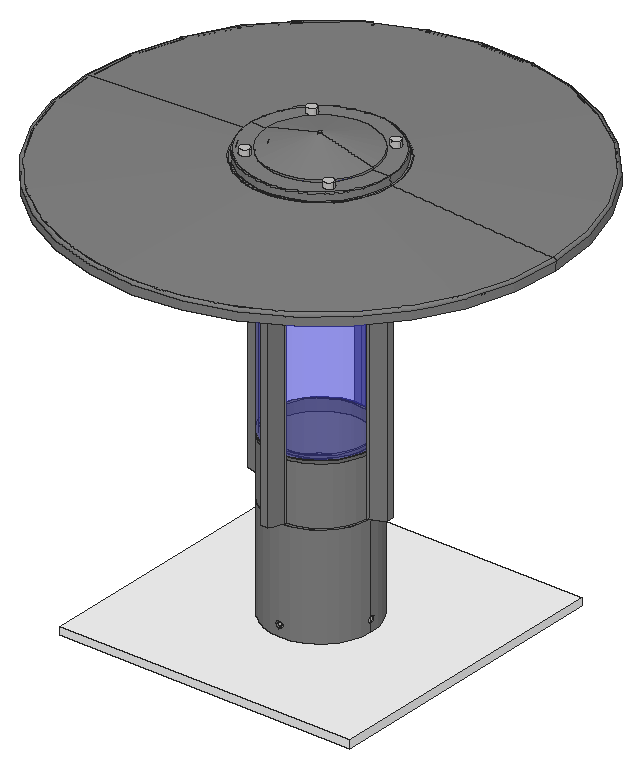
Revit family "BE_77120_de_DE", category Leuchten, Revit 2015
Parameters (values of type "BEGA_77120_Grafit_K4")
  built-in parameter 1150104 = 11.65 (stored number, unit not read)
  Windangriffsfläche = "0.12 m²"
  Werkzeuglos = ""
  Wattage = 37.8 W
  Default Elevation = 0 mm
  built-in parameter 1150113 = 1 (stored number, unit not read)
  built-in parameter 1114218 = 1 (stored number, unit not read)
  Umgebungstemperatur = ""
  URL = "http://www.bega.de/produkt/77120"
  Typenkommentare = "© 2017 BEGA. Wir behalten uns das Recht vor, technische Änderungen ohne vorherige Ankündigung vorzunehmen."  # constant formula
  Type Image = 77120.png
  built-in parameter 1150134 = 12
  built-in parameter 1150109 = 1 (stored number, unit not read)
  Strom = ""
  built-in parameter 1150110 = 1 (stored number, unit not read)
  Spannung = 239.996 V
  Sonderanfertigung = no
  Seriennummer [instance] = "Hier können Sie die eindeutige Seriennummer für das Facility Management eintragen."
  Schutzklasse = "I"
  Schutzart = "IP 65"
  Scheinlast = 0 VA
  Produktdatenblatt = "http://www.bega.de/download/Xrfa/db/77120.db.de.pdf"
  Oberflächentemperatur = ""
  Neigungswinkel = 0.00°
  Modell = "77120"
  Material_18 = BEGA_Gummi_schwarz
  Material_17 = BEGA_Reflektor
  Material_15 = BEGA_Leuchtmedium_matt
  Material_14 = BEGA_Kunststoff_opal
  Material_11 = BEGA_Glas_opal
  Material_09 = BEGA_Glas_klar
  Material_06 = BEGA_Oberfläche_Edelstahl_gebürstet
  Material_03 = BEGA_Oberfläche_Weiss_matt
  Material_02 = BEGA_Oberfläche_Silber_matt
  Material_01 [instance] = BEGA_Oberfläche_Grafit_matt
  Mastzopf_Ø [instance] = "76 mm"  # constant formula
  M_W = no
  M_G = yes
  M_A = no
  Logo = 0
  built-in parameter 1114217 = 1 (stored number, unit not read)
  built-in parameter 1150139 = (empty or 0)
  built-in parameter 1150105 = 377.21 (stored number, unit not read)
  built-in parameter 1150114 = 1 (stored number, unit not read)
  Lumens = 4740.12 lm
  built-in parameter 1150115 = 1 (stored number, unit not read)
  Leuchtenlichtstrom = "2616 lm"
  Leuchtenanzahl = ""
  Lebensdauerkriterien = "L70 = 50.000 h"
  Lastklassifizierung = Beleuchtung
  built-in parameter 1150112 = 1 (stored number, unit not read)
  Lampenlichtstrom = "4740 lm"
  Lampe = "LED 37.8 W"
  LED_Modulbezeichnung = "6x LED-0146/840"
  built-in parameter 1150142 = (empty or 0)
  Hersteller = "BEGA"  # constant formula
  Halbstreuwinkel = ""
  Gewicht = "10.5 kg"
  Frequenz = "0/50-60 Hz"
  Farbwiedergabeindex = "Ra > 80"
  Farbtemperaturverschiebung bei Dämpfen der Lampe = <Keine Auswahl>
  Farbtemperatur = "4000 K"
  Color Filter = 16777215
  Erdstück [instance] = no
  built-in parameter 1150133 = 10 (stored number, unit not read)
  Energieeffizienzklasse = "LED A++ - A"
  Einstecktiefe = "80 mm"
  built-in parameter 1150137 = (empty or 0)
  built-in parameter 1150132 = (empty or 0)
  ENEC = "ja"
  Dimmbar [instance] = ""
  Datei für fotometrisches Netz = "BE_77120.IES"
  CE_Konformität = "ja"
  Bestellnummer_Erdstück [instance] = ""
  Bestellnummer = "77120"
  Beschreibung_Sonderanfertigung = "Hier können Sie Informationen zur Sonderanfertigung eintragen."
  Beschreibung = "Aufsatzleuchte"
  built-in parameter 1150106 = 3.7721 (stored number, unit not read)
  BEGA_Intern_aus = yes
  BEGA_Intern_an = yes
  BEGA_Intern_Konstruktion = yes
  BEGA_Intern = yes
  BEGA_Infotext_Winkel [instance] = no
  BEGA_IES3 = yes
  BEGA_IES2 = yes
  BEGA_IES1 = yes
  BEGA_IES = yes
  BEGA_Dummy = no
  Anschlussleitung = "6.0 m X05BQ-F 5 G 1²"
  Anschlussleistung [instance] = "45.5 W"
  built-in parameter 1150107 = 4000 (stored number, unit not read)
  built-in parameter 1150102 = (empty or 0)
  built-in parameter 1150138 = (empty or 0)
  Aktualisierung = "2017-02-23T04:15:26"
  Abstand_zur_angestrahlten_Fläche [instance] = ""
  AC/DC = "AC/DC"
Types (4, lengths in mm): name | built-in parameter 1150104 | built-in parameter 1150134 | Modell | M_G | M_A | built-in parameter 1150105 | Lumens | Leuchtenlichtstrom | Lampenlichtstrom | LED_Modulbezeichnung | Farbtemperatur | Datei für fotometrisches Netz | Bestellnummer | built-in parameter 1150106 | built-in parameter 1150107
  BEGA_77120_Grafit_K4 | 11.65 (stored number, unit not read) | 12 | "77120" | yes | no | 377.21 (stored number, unit not read) | 4740.12 lm | "2616 lm" | "4740 lm" | "6x LED-0146/840" | "4000 K" | "BE_77120.IES" | "77120" | 3.7721 (stored number, unit not read) | 4000 (stored number, unit not read)
  BEGA_77120_Silber_K4 | 11.65 (stored number, unit not read) | 12 | "77120A" | no | yes | 377.21 (stored number, unit not read) | 4740.12 lm | "2616 lm" | "4740 lm" | "6x LED-0146/840" | "4000 K" | "BE_77120.IES" | "77120A" | 3.7721 (stored number, unit not read) | 4000 (stored number, unit not read)
  BEGA_77120_Silber_K3 | 10.839 (stored number, unit not read) | 12 | "77120AK3" | no | yes | 350.95 (stored number, unit not read) | 4410.13 lm | "2434 lm" | "4410 lm" | "6x LED-0146/830" | "3000 K" | "BE_77120K3.IES" | "77120AK3" | 3.5095 (stored number, unit not read) | 4000 (stored number, unit not read)
  BEGA_77120_Grafit_K3 | 10.839 (stored number, unit not read) | (empty or 0) | "77120K3" | yes | no | 350.95 (stored number, unit not read) | 4410.13 lm | "2434 lm" | "4410 lm" | "6x LED-0146/830" | "3000 K" | "BE_77120K3.IES" | "77120K3" | 3.5095 (stored number, unit not read) | 3000 (stored number, unit not read)
Reference planes
  plane 1 "Mitte (Vorne/Hinten)": y = 0
  plane 2: z = 0
  plane 3 "Mitte (Links/Rechts)": x = 0
  plane 4 "Links": x = -325
  plane 5 "Rechts": x = 325
  plane 6 "Unten": y = -325
  plane 7 "Oben": y = 325
  plane 8 "Vorne": z = 593
  plane 9 "Hinten": z = 0
Forms (mm)
  Extrusion 1, solid, material "BEGA_Platte_Weiss"
    sketch origin (0, -1119.2, 0) x (1, 0, 0) y (0, 1, 0)
      loop
        line (-200, 1319.2) -> (-200, 919.2) -> (200, 919.2) -> (200, 1319.2) -> (-200, 1319.2)
    from 0 to -10
  Extrusion 2, solid, material "BEGA_Dummy_matt", visible <- "BEGA_Dummy"
    sketch origin (77.149, -76.023, 0) x (1, 0, 0) y (0, 1, 0)
      loop
        circle (-77.149, 76.023) r 325
    from 0 to 593
Dimensions and locks
  plane 1 "Mitte (Vorne/Hinten)" to Extrusion 1 = 200 mm
  aligned and locked: plane 2 to Extrusion 1
  aligned and locked: level to Extrusion 1
Nested families
  nested 1: "BE_77120" at (0, 0, 0), type "BE_77120"
Connectors
  electrical at (0, 0, 0), driven by "Lastklassifizierung", driven by "Spannung", driven by "Scheinlast"
    settings: index 1, voltage 239.996 V, apparent load 0 VA, apparent load phase1 0 VA, apparent load phase2 0 VA, apparent load phase3 0 VA, power factor 1, load classification "Beleuchtung", number of poles 1, system type 31, power factor state 1, is connector primary yes, connector utility no, sub classification motor no, connector description ""
Definition of nested family "BE_77120"
  Parameters (values of type "BE_77120")
    Default Elevation = 1 mm
    URL = "http://www.bega.de/de/produkt"
    Type Comments = "© 2015 BEGA. Wir behalten uns das Recht vor, technische Änderungen ohne vorherige Ankündigung vorzunehmen. "  # constant formula
    Type Image = (empty or 0)
    Material_18 = none
    Material_17 = none
    Material_15 = none
    Material_14 = none
    Material_11 = none
    Material_09 = none
    Material_06 = none
    Material_03 = none
    Material_02 = none
    Material_01 = none
    M_W = yes
    M_G = yes
    M_A = yes
    Länge_Platte = 300 mm  # constant formula
    Höhe_Platte = -10 mm  # constant formula
    Manufacturer = "BEGA"  # constant formula
    Breite_Platte = 300 mm  # constant formula
  Reference planes
    plane 1 "Mitte (Oben/Unten)": y = 0
    plane 2: z = 80.5
    plane 3 "Mitte (Links/Rechts)": x = 0
    plane 4: x = -325
    plane 5: z = 593
    plane 6: x = 325
    plane 7: z = 0
    plane 8: y = 325
    plane 9: y = -325
  Forms (mm)
    Extrusion 1, solid, detail levels medium
      sketch origin (0, 0, 80.5) x (1, 0, 0) y (0, 1, 0)
        loop
          line (-150, 150) -> (-150, -150) -> (150, -150) -> (150, 150) -> (-150, 150)
      from 0 to -10 <- "Höhe_Platte"
    Revolve 2, solid, material <- "Material_01", visible <- "M_G", detail levels medium+fine
      sketch origin (0, 0, -80.5) x (1, 0, 0) y (0, 0, 1)
        loop
          line (-70, 80.5) -> (-62.5, 80.5) -> (-62.5, 241) -> (-66.25, 241) -> (-66.25, 224) -> (-69, 224) -> (-69, 221) -> (-70, 221) -> (-70, 80.5)
        axis (0, 80.5) -> (0, 241)
      angle from 0 to 360
    Revolve 3, solid, material <- "Material_01", visible <- "M_G", detail levels medium+fine
      sketch origin (0, 0, -80.5) x (1, 0, 0) y (0, 0, 1)
        loop
          line (-70, 224) -> (-66.5, 224) -> (-66.5, 303) -> (-70, 303) -> (-70, 224)
        axis (0, 224) -> (0, 303)
      angle from 0 to 360
    Revolve 4, solid, material <- "Material_18", detail levels medium+fine
      sketch origin (0, 0, -80.5) x (1, 0, 0) y (0, 0, 1)
        loop
          line (-70.237, 303) -> (-65.5, 303) -> (-64.778, 294.5) -> (-62.597, 294.5) -> (-62.045, 310.3) -> (-64.65, 310.3) -> (-64.65, 307) -> (-70.237, 307) -> (-70.237, 303)
        axis (0, 294.5) -> (0, 310.3)
      angle from 0 to 360
    Extrusion 5, solid, material <- "Material_01", visible <- "M_G", detail levels medium+fine
      sketch origin (0, 0, 0) x (1, 0, 0) y (0, 1, 0)
        loop
          arc (-96.37, 5) -> (-96.5, 0) -> (-96.37, -5) r 96.5
          line (-96.37, -5) -> (-71.472, -5.992)
          arc (-71.472, -5.992) -> (-70.191, -6.527) -> (-69.568, -7.768) r 2
          arc (-69.568, -7.768) -> (-69.892, -3.89) -> (-70, 0) r 70
          arc (-70, 0) -> (-69.892, 3.89) -> (-69.568, 7.768) r 70
          arc (-69.568, 7.768) -> (-70.192, 6.526) -> (-71.476, 5.991) r 2
          line (-71.476, 5.991) -> (-96.37, 5)
      from 143.5 to 559.032
    Extrusion 6, solid, material <- "Material_01", visible <- "M_G", detail levels medium+fine
      sketch origin (0, 0, 0) x (0, -1, 0) y (1, 0, 0)
        loop
          arc (-96.37, 5) -> (-96.5, 0) -> (-96.37, -5) r 96.5
          line (-96.37, -5) -> (-71.472, -5.992)
          arc (-71.472, -5.992) -> (-70.191, -6.527) -> (-69.568, -7.768) r 2
          arc (-69.568, -7.768) -> (-69.892, -3.89) -> (-70, 0) r 70
          arc (-70, 0) -> (-69.892, 3.89) -> (-69.568, 7.768) r 70
          arc (-69.568, 7.768) -> (-70.192, 6.526) -> (-71.476, 5.991) r 2
          line (-71.476, 5.991) -> (-96.37, 5)
      from 143.5 to 559.032
    Extrusion 7, solid, material <- "Material_01", visible <- "M_G", detail levels medium+fine
      sketch origin (0, 0, 0) x (0, 1, 0) y (-1, 0, 0)
        loop
          arc (-96.37, 5) -> (-96.5, 0) -> (-96.37, -5) r 96.5
          line (-96.37, -5) -> (-71.472, -5.992)
          arc (-71.472, -5.992) -> (-70.191, -6.527) -> (-69.568, -7.768) r 2
          arc (-69.568, -7.768) -> (-69.892, -3.89) -> (-70, 0) r 70
          arc (-70, 0) -> (-69.892, 3.89) -> (-69.568, 7.768) r 70
          arc (-69.568, 7.768) -> (-70.192, 6.526) -> (-71.476, 5.991) r 2
          line (-71.476, 5.991) -> (-96.37, 5)
      from 143.5 to 559.032
    Extrusion 8, solid, material <- "Material_01", visible <- "M_G", detail levels medium+fine
      sketch origin (0, 0, 0) x (-1, 0, 0) y (0, -1, 0)
        loop
          arc (-96.37, 5) -> (-96.5, 0) -> (-96.37, -5) r 96.5
          line (-96.37, -5) -> (-71.472, -5.992)
          arc (-71.472, -5.992) -> (-70.191, -6.527) -> (-69.568, -7.768) r 2
          arc (-69.568, -7.768) -> (-69.892, -3.89) -> (-70, 0) r 70
          arc (-70, 0) -> (-69.892, 3.89) -> (-69.568, 7.768) r 70
          arc (-69.568, 7.768) -> (-70.192, 6.526) -> (-71.476, 5.991) r 2
          line (-71.476, 5.991) -> (-96.37, 5)
      from 143.5 to 559.032
    Revolve 9, solid, material <- "Material_01", visible <- "M_G", detail levels medium+fine
      sketch origin (0, 0, -80.5) x (1, 0, 0) y (0, 0, 1)
        loop
          line (-96.5, 630) -> (-72.242, 623.5) -> (-70, 623.5) -> (-70, 640) -> (-96.5, 640) -> (-96.5, 630)
        axis (0, 623.5) -> (0, 640)
      angle from 0 to 360
    Revolve 10, solid, material <- "Material_01", visible <- "M_G", detail levels medium+fine
      sketch origin (0, 0, -80.5) x (1, 0, 0) y (0, 0, 1)
        loop
          line (-325, 616.208) -> (-322, 616.208) -> (-322, 627.412)
          arc (-322, 627.412) -> (-321.723, 628.104) -> (-321.044, 628.411) r 1
          line (-321.044, 628.411) -> (-99.921, 640) -> (-76.231, 640) -> (-76.231, 643) -> (-99.451, 643)
          arc (-99.451, 643) -> (-100, 642.993) -> (-100.549, 642.971) r 20.982
          line (-100.549, 642.971) -> (-321.209, 631.406)
          arc (-321.209, 631.406) -> (-323.901, 630.164) -> (-325, 627.411) r 4
          line (-325, 627.411) -> (-325, 616.208)
        axis (0, 616.208) -> (0, 643)
      angle from 0 to 360
    Revolve 11, solid, material <- "Material_01", visible <- "M_G", detail levels medium+fine
      sketch origin (0, 0, -80.5) x (1, 0, 0) y (0, 0, 1)
        loop
          line (-96.184, 652.036) -> (-96.5, 643) -> (-92.6, 643) -> (-92.074, 650) -> (-57.716, 650) -> (-57.485, 656.614) -> (0, 672.027) -> (0, 673.5) -> (-3, 673.5) -> (-71.93, 655.019) -> (-72, 653) -> (-95.185, 653)
          arc (-95.185, 653) -> (-95.879, 652.72) -> (-96.184, 652.036) r 1
        axis (0, 673.5) -> (0, 643)
      angle from 0 to 360
    Revolve 12, solid, material <- "Material_14", detail levels medium+fine
      sketch origin (0, 0, -80.5) x (1, 0, 0) y (0, 0, 1)
        loop
          line (-67, 644) -> (-70, 644) -> (-70, 307) -> (-67, 307) -> (-67, 644)
        axis (0, 307) -> (0, 644)
      angle from 0 to 360
    Revolve 13, void
      sketch origin (0, 0, -80.5) x (1, 0, 0) y (0, 0, 1)
        loop
          line (-70.777, 101) -> (-70.777, 96) -> (-58.842, 96) -> (-58.842, 101) -> (-70.777, 101)
        axis (-70.777, 96) -> (-58.842, 96)
      angle from 0 to 360
    Revolve 14, void
      sketch origin (0, 0, -80.5) x (0, -1, 0) y (0, 0, 1)
        loop
          line (-70.777, 101) -> (-70.777, 96) -> (-58.842, 96) -> (-58.842, 101) -> (-70.777, 101)
        axis (-70.777, 96) -> (-58.842, 96)
      angle from 0 to 360
    Revolve 15, void
      sketch origin (0, 0, -80.5) x (0, 1, 0) y (0, 0, 1)
        loop
          line (-70.777, 101) -> (-70.777, 96) -> (-58.842, 96) -> (-58.842, 101) -> (-70.777, 101)
        axis (-70.777, 96) -> (-58.842, 96)
      angle from 0 to 360
    Revolve 16, void
      sketch origin (0, 0, -80.5) x (-1, 0, 0) y (0, 0, 1)
        loop
          line (-70.777, 101) -> (-70.777, 96) -> (-58.842, 96) -> (-58.842, 101) -> (-70.777, 101)
        axis (-70.777, 96) -> (-58.842, 96)
      angle from 0 to 360
    Revolve 17, solid, material <- "Material_06", detail levels fine
      sketch origin (0, 0, -80.5) x (1, 0, 0) y (0, 0, 1)
        loop
          line (-68.5, 99.25) -> (-68.5, 96) -> (-44, 96) -> (-44, 102) -> (-65, 102) -> (-65, 100) -> (-67.75, 100) -> (-68.5, 99.25)
        axis (-68.5, 96) -> (-44, 96)
      angle from 0 to 360
    Revolve 18, solid, material <- "Material_06", detail levels fine
      sketch origin (0, 0, -80.5) x (0, -1, 0) y (0, 0, 1)
        loop
          line (-68.5, 99.25) -> (-68.5, 96) -> (-44, 96) -> (-44, 102) -> (-65, 102) -> (-65, 100) -> (-67.75, 100) -> (-68.5, 99.25)
        axis (-68.5, 96) -> (-44, 96)
      angle from 0 to 360
    Revolve 19, solid, material <- "Material_06", detail levels fine
      sketch origin (0, 0, -80.5) x (0, 1, 0) y (0, 0, 1)
        loop
          line (-68.5, 99.25) -> (-68.5, 96) -> (-44, 96) -> (-44, 102) -> (-65, 102) -> (-65, 100) -> (-67.75, 100) -> (-68.5, 99.25)
        axis (-68.5, 96) -> (-44, 96)
      angle from 0 to 360
    Revolve 20, solid, material <- "Material_06", detail levels fine
      sketch origin (0, 0, -80.5) x (-1, 0, 0) y (0, 0, 1)
        loop
          line (-68.5, 99.25) -> (-68.5, 96) -> (-44, 96) -> (-44, 102) -> (-65, 102) -> (-65, 100) -> (-67.75, 100) -> (-68.5, 99.25)
        axis (-68.5, 96) -> (-44, 96)
      angle from 0 to 360
    Extrusion 21, void
      sketch origin (0, 0, 0) x (1, 0, 0) y (0, 1, 0)
        loop
          circle (57.983, 57.983) r 7.035
        loop
          circle (-57.983, 57.983) r 7.035
        loop
          circle (-57.983, -57.983) r 7.035
        loop
          circle (57.983, -57.983) r 7.035
      from 571.5 to 576.114
    Extrusion 22, solid, material <- "Material_06", detail levels fine
      sketch origin (0, 0, 0) x (1, 0, 0) y (0, 1, 0)
        loop
          circle (57.983, 57.983) r 6.5
        loop
          circle (-57.983, 57.983) r 6.5
        loop
          circle (57.983, -57.983) r 6.5
        loop
          circle (-57.983, -57.983) r 6.5
      from 571.5 to 579.5
    Revolve 23, solid, material <- "Material_02", visible <- "M_A", detail levels medium+fine
      sketch origin (0, 0, -80.5) x (1, 0, 0) y (0, 0, 1)
        loop
          line (-70, 80.5) -> (-62.5, 80.5) -> (-62.5, 241) -> (-66.25, 241) -> (-66.25, 224) -> (-69, 224) -> (-69, 221) -> (-70, 221) -> (-70, 80.5)
        axis (0, 80.5) -> (0, 241)
      angle from 0 to 360
    Revolve 24, solid, material <- "Material_02", visible <- "M_A", detail levels medium+fine
      sketch origin (0, 0, -80.5) x (1, 0, 0) y (0, 0, 1)
        loop
          line (-70, 224) -> (-66.5, 224) -> (-66.5, 303) -> (-70, 303) -> (-70, 224)
        axis (0, 224) -> (0, 303)
      angle from 0 to 360
    Extrusion 25, solid, material <- "Material_02", visible <- "M_A", detail levels medium+fine
      sketch origin (0, 0, 0) x (1, 0, 0) y (0, 1, 0)
        loop
          arc (-96.37, 5) -> (-96.5, 0) -> (-96.37, -5) r 96.5
          line (-96.37, -5) -> (-71.472, -5.992)
          arc (-71.472, -5.992) -> (-70.191, -6.527) -> (-69.568, -7.768) r 2
          arc (-69.568, -7.768) -> (-69.892, -3.89) -> (-70, 0) r 70
          arc (-70, 0) -> (-69.892, 3.89) -> (-69.568, 7.768) r 70
          arc (-69.568, 7.768) -> (-70.192, 6.526) -> (-71.476, 5.991) r 2
          line (-71.476, 5.991) -> (-96.37, 5)
      from 143.5 to 559.032
    Extrusion 26, solid, material <- "Material_02", visible <- "M_A", detail levels medium+fine
      sketch origin (0, 0, 0) x (0, -1, 0) y (1, 0, 0)
        loop
          arc (-96.37, 5) -> (-96.5, 0) -> (-96.37, -5) r 96.5
          line (-96.37, -5) -> (-71.472, -5.992)
          arc (-71.472, -5.992) -> (-70.191, -6.527) -> (-69.568, -7.768) r 2
          arc (-69.568, -7.768) -> (-69.892, -3.89) -> (-70, 0) r 70
          arc (-70, 0) -> (-69.892, 3.89) -> (-69.568, 7.768) r 70
          arc (-69.568, 7.768) -> (-70.192, 6.526) -> (-71.476, 5.991) r 2
          line (-71.476, 5.991) -> (-96.37, 5)
      from 143.5 to 559.032
    Extrusion 27, solid, material <- "Material_02", visible <- "M_A", detail levels medium+fine
      sketch origin (0, 0, 0) x (0, 1, 0) y (-1, 0, 0)
        loop
          arc (-96.37, 5) -> (-96.5, 0) -> (-96.37, -5) r 96.5
          line (-96.37, -5) -> (-71.472, -5.992)
          arc (-71.472, -5.992) -> (-70.191, -6.527) -> (-69.568, -7.768) r 2
          arc (-69.568, -7.768) -> (-69.892, -3.89) -> (-70, 0) r 70
          arc (-70, 0) -> (-69.892, 3.89) -> (-69.568, 7.768) r 70
          arc (-69.568, 7.768) -> (-70.192, 6.526) -> (-71.476, 5.991) r 2
          line (-71.476, 5.991) -> (-96.37, 5)
      from 143.5 to 559.032
    Extrusion 28, solid, material <- "Material_02", visible <- "M_A", detail levels medium+fine
      sketch origin (0, 0, 0) x (-1, 0, 0) y (0, -1, 0)
        loop
          arc (-96.37, 5) -> (-96.5, 0) -> (-96.37, -5) r 96.5
          line (-96.37, -5) -> (-71.472, -5.992)
          arc (-71.472, -5.992) -> (-70.191, -6.527) -> (-69.568, -7.768) r 2
          arc (-69.568, -7.768) -> (-69.892, -3.89) -> (-70, 0) r 70
          arc (-70, 0) -> (-69.892, 3.89) -> (-69.568, 7.768) r 70
          arc (-69.568, 7.768) -> (-70.192, 6.526) -> (-71.476, 5.991) r 2
          line (-71.476, 5.991) -> (-96.37, 5)
      from 143.5 to 559.032
    Revolve 29, solid, material <- "Material_02", visible <- "M_A", detail levels medium+fine
      sketch origin (0, 0, -80.5) x (1, 0, 0) y (0, 0, 1)
        loop
          line (-96.5, 630) -> (-72.242, 623.5) -> (-70, 623.5) -> (-70, 640) -> (-96.5, 640) -> (-96.5, 630)
        axis (0, 623.5) -> (0, 640)
      angle from 0 to 360
    Revolve 30, solid, material <- "Material_02", visible <- "M_A", detail levels medium+fine
      sketch origin (0, 0, -80.5) x (1, 0, 0) y (0, 0, 1)
        loop
          line (-325, 616.208) -> (-322, 616.208) -> (-322, 627.412)
          arc (-322, 627.412) -> (-321.723, 628.104) -> (-321.044, 628.411) r 1
          line (-321.044, 628.411) -> (-99.921, 640) -> (-76.231, 640) -> (-76.231, 643) -> (-99.451, 643)
          arc (-99.451, 643) -> (-100, 642.993) -> (-100.549, 642.971) r 20.982
          line (-100.549, 642.971) -> (-321.209, 631.406)
          arc (-321.209, 631.406) -> (-323.901, 630.164) -> (-325, 627.411) r 4
          line (-325, 627.411) -> (-325, 616.208)
        axis (0, 616.208) -> (0, 643)
      angle from 0 to 360
    Revolve 31, solid, material <- "Material_02", visible <- "M_A", detail levels medium+fine
      sketch origin (0, 0, -80.5) x (1, 0, 0) y (0, 0, 1)
        loop
          line (-96.184, 652.036) -> (-96.5, 643) -> (-92.6, 643) -> (-92.074, 650) -> (-57.716, 650) -> (-57.485, 656.614) -> (0, 672.027) -> (0, 673.5) -> (-3, 673.5) -> (-71.93, 655.019) -> (-72, 653) -> (-95.185, 653)
          arc (-95.185, 653) -> (-95.879, 652.72) -> (-96.184, 652.036) r 1
        axis (0, 673.5) -> (0, 643)
      angle from 0 to 360
    Revolve 32, void
      sketch origin (0, 0, -80.5) x (1, 0, 0) y (0, 0, 1)
        loop
          line (-74.887, 223.506) -> (-96.978, 229.425) -> (-96.978, 223.506) -> (-74.887, 223.506)
        axis (0, 223.506) -> (0, 229.425)
      angle from 0 to 360
  Cuts and joins
    Revolve 13, Revolve 14, Revolve 15, Revolve 16, Revolve 32 cuts Revolve 2
    Revolve 13, Revolve 14, Revolve 15, Revolve 16, Revolve 32 cuts Revolve 3
    Revolve 13, Revolve 14, Revolve 15, Revolve 16, Revolve 32 cuts Extrusion 5
    Revolve 13, Revolve 14, Revolve 15, Revolve 16, Revolve 32 cuts Extrusion 6
    Revolve 13, Revolve 14, Revolve 15, Revolve 16, Revolve 32 cuts Extrusion 7
    Revolve 13, Revolve 14, Revolve 15, Revolve 16, Revolve 32 cuts Extrusion 8
    Revolve 13, Revolve 14, Revolve 15, Revolve 16, Revolve 32 cuts Revolve 9
    joined: Revolve 2, Revolve 3, Extrusion 5, Extrusion 6, Extrusion 7, Extrusion 8, Revolve 9
    Extrusion 21 cuts Revolve 11
    joined: Revolve 10, Revolve 11
    Revolve 13, Revolve 14, Revolve 15, Revolve 16, Revolve 32 cuts Revolve 23
    Revolve 32 cuts Revolve 24
    Revolve 32 cuts Extrusion 25
    Revolve 32 cuts Extrusion 26
    Revolve 32 cuts Extrusion 27
    Revolve 32 cuts Extrusion 28
    Revolve 32 cuts Revolve 29
    joined: Revolve 23, Revolve 24, Extrusion 25, Extrusion 26, Extrusion 27, Extrusion 28, Revolve 29
    Extrusion 21 cuts Revolve 31
    joined: Revolve 30, Revolve 31
  Dimensions and locks
    equal spacing: Extrusion 1 sketch curve, plane 3 "Mitte (Links/Rechts)", Extrusion 1 sketch curve
    equal spacing: Extrusion 1 sketch curve, plane 1 "Mitte (Oben/Unten)", Extrusion 1 sketch curve
    "Länge_Platte": Extrusion 1 sketch curve to Extrusion 1 sketch curve
    "Breite_Platte": Extrusion 1 sketch curve to Extrusion 1 sketch curve
    aligned and locked: Extrusion 1 to plane 2
    aligned and locked: level to Extrusion 1
  Automatic sketch dimensions
    Revolve 2 sketch curve to level = 80.5 mm
    Revolve 2 sketch curve to plane 3 "Mitte (Links/Rechts)" = 0 mm
    Revolve 2 sketch curve to plane 3 "Mitte (Links/Rechts)" = 62.5 mm
    Revolve 2 sketch curve to Revolve 2 sketch curve = 3.75 mm
    Revolve 2 sketch curve to Revolve 2 sketch curve = 2.75 mm
    Revolve 2 sketch curve to Revolve 2 sketch curve = 7.5 mm
    level to Revolve 2 sketch curve = 60 mm
    Revolve 2 sketch curve to Revolve 2 sketch curve = 20 mm
    Revolve 2 sketch curve to level = 27.152 mm
    Revolve 2 sketch curve to Revolve 2 sketch curve = 40 mm
    Revolve 2 sketch curve to Revolve 2 sketch curve = 3 mm
    Revolve 3 sketch curve to plane 3 "Mitte (Links/Rechts)" = 0 mm
    Revolve 3 sketch curve to plane 3 "Mitte (Links/Rechts)" = 66.5 mm
    Revolve 3 sketch curve to Revolve 3 sketch curve = 3.5 mm
    level to Revolve 3 sketch curve = 63 mm
    Revolve 3 sketch curve to Revolve 3 sketch curve = 79 mm
    Revolve 3 sketch curve to Revolve 3 sketch curve = 34.35 mm
    Revolve 3 sketch curve to Revolve 3 sketch curve = 26.475 mm
    Revolve 4 sketch curve to plane 3 "Mitte (Links/Rechts)" = 0 mm
    Revolve 4 sketch curve to plane 3 "Mitte (Links/Rechts)" = 62.045 mm
    Revolve 4 sketch curve to Revolve 4 sketch curve = 0.552 mm
    Revolve 4 sketch curve to Revolve 4 sketch curve = 2.605 mm
    Revolve 4 sketch curve to Revolve 4 sketch curve = 2.181 mm
    Revolve 4 sketch curve to Revolve 4 sketch curve = 0.85 mm
    Revolve 4 sketch curve to Revolve 4 sketch curve = 4.737 mm
    level to Revolve 4 sketch curve = 133.5 mm
    Revolve 4 sketch curve to Revolve 4 sketch curve = 8.5 mm
    Revolve 4 sketch curve to Revolve 4 sketch curve = 4 mm
    Revolve 4 sketch curve to Revolve 4 sketch curve = 3.3 mm
    Revolve 4 sketch curve to Revolve 4 sketch curve = 1.46 mm
    Revolve 4 sketch curve to Revolve 4 sketch curve = 20 mm
    Extrusion 5 sketch curve to Extrusion 5 sketch curve = 24.895 mm
    Extrusion 5 sketch curve to Extrusion 5 sketch curve = 0.003 mm
    Extrusion 5 sketch curve to Extrusion 5 sketch curve = 0.083 mm
    Extrusion 5 sketch curve to Extrusion 5 sketch curve = 0.08 mm
    Extrusion 5 sketch curve to Extrusion 5 sketch curve = 1.998 mm  (x2)
    Extrusion 5 sketch curve to Extrusion 5 sketch curve = 0 mm  (x15)
    Extrusion 5 sketch curve to Extrusion 5 sketch curve = 1.988 mm  (x2)
    Extrusion 5 sketch curve to Extrusion 5 sketch curve = 1.476 mm
    Extrusion 5 sketch curve to Extrusion 5 sketch curve = 69.568 mm
    Extrusion 5 sketch curve to Extrusion 5 sketch curve = 0.992 mm
    Extrusion 5 sketch curve to Extrusion 5 sketch curve = 0.222 mm
    Extrusion 6 sketch curve to Extrusion 6 sketch curve = 24.895 mm
    Extrusion 6 sketch curve to Extrusion 6 sketch curve = 0.003 mm
    Extrusion 6 sketch curve to Extrusion 6 sketch curve = 0.083 mm
    Extrusion 6 sketch curve to Extrusion 6 sketch curve = 0.08 mm
    Extrusion 6 sketch curve to Extrusion 6 sketch curve = 1.998 mm  (x2)
    Extrusion 6 sketch curve to Extrusion 6 sketch curve = 0 mm  (x15)
    Extrusion 6 sketch curve to Extrusion 6 sketch curve = 1.988 mm  (x2)
    Extrusion 6 sketch curve to Extrusion 6 sketch curve = 1.476 mm
    Extrusion 6 sketch curve to Extrusion 6 sketch curve = 69.568 mm
    Extrusion 6 sketch curve to Extrusion 6 sketch curve = 0.992 mm
    Extrusion 6 sketch curve to Extrusion 6 sketch curve = 0.222 mm
    Extrusion 7 sketch curve to Extrusion 7 sketch curve = 24.895 mm
    Extrusion 7 sketch curve to Extrusion 7 sketch curve = 0.003 mm
    Extrusion 7 sketch curve to Extrusion 7 sketch curve = 0.083 mm
    Extrusion 7 sketch curve to Extrusion 7 sketch curve = 0.08 mm
    Extrusion 7 sketch curve to Extrusion 7 sketch curve = 1.998 mm  (x2)
    Extrusion 7 sketch curve to Extrusion 7 sketch curve = 0 mm  (x15)
    Extrusion 7 sketch curve to Extrusion 7 sketch curve = 1.988 mm  (x2)
    Extrusion 7 sketch curve to Extrusion 7 sketch curve = 1.476 mm
    Extrusion 7 sketch curve to Extrusion 7 sketch curve = 69.568 mm
    Extrusion 7 sketch curve to Extrusion 7 sketch curve = 0.992 mm
    Extrusion 7 sketch curve to Extrusion 7 sketch curve = 0.222 mm
    Extrusion 8 sketch curve to Extrusion 8 sketch curve = 24.895 mm
    Extrusion 8 sketch curve to Extrusion 8 sketch curve = 0.003 mm
    Extrusion 8 sketch curve to Extrusion 8 sketch curve = 0.083 mm
    Extrusion 8 sketch curve to Extrusion 8 sketch curve = 0.08 mm
    Extrusion 8 sketch curve to Extrusion 8 sketch curve = 1.998 mm  (x2)
    Extrusion 8 sketch curve to Extrusion 8 sketch curve = 0 mm  (x15)
    Extrusion 8 sketch curve to Extrusion 8 sketch curve = 1.988 mm  (x2)
    Extrusion 8 sketch curve to Extrusion 8 sketch curve = 1.476 mm
    Extrusion 8 sketch curve to Extrusion 8 sketch curve = 69.568 mm
    Extrusion 8 sketch curve to Extrusion 8 sketch curve = 0.992 mm
    Extrusion 8 sketch curve to Extrusion 8 sketch curve = 0.222 mm
    plane 1 "Mitte (Oben/Unten)" to Extrusion 5 sketch curve = 0 mm
    Extrusion 5 sketch curve to plane 3 "Mitte (Links/Rechts)" = 0 mm
    Extrusion 6 sketch curve to plane 3 "Mitte (Links/Rechts)" = 0 mm
    plane 1 "Mitte (Oben/Unten)" to Extrusion 6 sketch curve = 0 mm
    Extrusion 7 sketch curve to plane 3 "Mitte (Links/Rechts)" = 0 mm
    plane 1 "Mitte (Oben/Unten)" to Extrusion 7 sketch curve = 0 mm
    plane 1 "Mitte (Oben/Unten)" to Extrusion 8 sketch curve = 0 mm
    Extrusion 8 sketch curve to plane 3 "Mitte (Links/Rechts)" = 0 mm
    Revolve 9 sketch curve to plane 3 "Mitte (Links/Rechts)" = 96.5 mm
    Revolve 9 sketch curve to Revolve 9 sketch curve = 24.258 mm
    Revolve 9 sketch curve to Revolve 9 sketch curve = 2.242 mm
    level to Revolve 9 sketch curve = 462.5 mm
    Revolve 9 sketch curve to Revolve 9 sketch curve = 6.5 mm
    Revolve 9 sketch curve to Revolve 9 sketch curve = 16.5 mm
    Revolve 9 sketch curve to Revolve 9 sketch curve = 70 mm
    Revolve 9 sketch curve to Revolve 9 sketch curve = 15 mm  (x2)
    Revolve 11 sketch curve to plane 3 "Mitte (Links/Rechts)" = 0 mm  (x2)
    Revolve 11 sketch curve to Revolve 11 sketch curve = 3 mm
    Revolve 11 sketch curve to Revolve 11 sketch curve = 54.485 mm
    Revolve 11 sketch curve to Revolve 11 sketch curve = 0.231 mm
    Revolve 11 sketch curve to Revolve 11 sketch curve = 14.445 mm
    Revolve 11 sketch curve to Revolve 11 sketch curve = 0.07 mm
    Revolve 11 sketch curve to Revolve 11 sketch curve = 20.074 mm
    Revolve 11 sketch curve to Revolve 11 sketch curve = 0.526 mm
    Revolve 11 sketch curve to Revolve 11 sketch curve = 3.111 mm
    Revolve 11 sketch curve to Revolve 11 sketch curve = 0.999 mm
    Revolve 11 sketch curve to Revolve 11 sketch curve = 3.9 mm
    level to Revolve 11 sketch curve = 482 mm
    Revolve 11 sketch curve to Revolve 11 sketch curve = 7 mm
    Revolve 11 sketch curve to Revolve 11 sketch curve = 2 mm
    Revolve 11 sketch curve to Revolve 11 sketch curve = 0.036 mm
    Revolve 11 sketch curve to Revolve 11 sketch curve = 2.019 mm
    Revolve 11 sketch curve to Revolve 11 sketch curve = 6.614 mm
    Revolve 11 sketch curve to Revolve 11 sketch curve = 15.413 mm
    Revolve 11 sketch curve to Revolve 11 sketch curve = 1.473 mm
    Revolve 11 sketch curve to Revolve 11 sketch curve = 20 mm
    Revolve 11 sketch curve to Revolve 11 sketch curve = 0 mm
    Revolve 10 sketch curve to plane 3 "Mitte (Links/Rechts)" = 0 mm
    Revolve 10 sketch curve to plane 3 "Mitte (Links/Rechts)" = 76.231 mm
    Revolve 10 sketch curve to Revolve 10 sketch curve = 23.22 mm
    Revolve 10 sketch curve to Revolve 10 sketch curve = 0.471 mm
    Revolve 10 sketch curve to Revolve 10 sketch curve = 1.098 mm
    Revolve 10 sketch curve to Revolve 10 sketch curve = 220.451 mm
    Revolve 10 sketch curve to Revolve 10 sketch curve = 0 mm  (x2)
    Revolve 10 sketch curve to Revolve 10 sketch curve = 0.044 mm
    Revolve 10 sketch curve to Revolve 10 sketch curve = 1 mm
    Revolve 10 sketch curve to Revolve 10 sketch curve = 3 mm
    level to Revolve 10 sketch curve = 455.208 mm
    Revolve 10 sketch curve to Revolve 10 sketch curve = 5.81 mm
    Revolve 10 sketch curve to Revolve 10 sketch curve = 11.203 mm
    Revolve 10 sketch curve to Revolve 10 sketch curve = 0.001 mm  (x2)
    Revolve 10 sketch curve to Revolve 10 sketch curve = 17.982 mm
    Revolve 10 sketch curve to Revolve 10 sketch curve = 2.971 mm
    Revolve 10 sketch curve to Revolve 10 sketch curve = 0.165 mm
    Revolve 10 sketch curve to Revolve 10 sketch curve = 5 mm
    Revolve 10 sketch curve to Revolve 10 sketch curve = 13.241 mm
    Revolve 12 sketch curve to plane 3 "Mitte (Links/Rechts)" = 0 mm
    Revolve 12 sketch curve to plane 3 "Mitte (Links/Rechts)" = 67 mm
    Revolve 12 sketch curve to Revolve 12 sketch curve = 3 mm
    level to Revolve 12 sketch curve = 146 mm
    Revolve 12 sketch curve to Revolve 12 sketch curve = 337 mm
    Revolve 12 sketch curve to Revolve 12 sketch curve = 42.706 mm
    Revolve 12 sketch curve to Revolve 12 sketch curve = 23.105 mm
    Revolve 13 sketch curve to Revolve 13 sketch curve = 11.935 mm
    Revolve 13 sketch curve to Revolve 13 sketch curve = 5 mm
    Revolve 13 sketch curve to Revolve 13 sketch curve = 0 mm  (x2)
    Revolve 13 sketch curve to Revolve 13 sketch curve = 5.72 mm
    Revolve 14 sketch curve to Revolve 14 sketch curve = 11.935 mm
    Revolve 14 sketch curve to Revolve 14 sketch curve = 5 mm
    Revolve 14 sketch curve to Revolve 14 sketch curve = 0 mm  (x2)
    Revolve 14 sketch curve to Revolve 14 sketch curve = 5.72 mm
    Revolve 15 sketch curve to Revolve 15 sketch curve = 11.935 mm
    Revolve 15 sketch curve to Revolve 15 sketch curve = 5 mm
    Revolve 15 sketch curve to Revolve 15 sketch curve = 0 mm  (x2)
    Revolve 15 sketch curve to Revolve 15 sketch curve = 5.72 mm
    Revolve 16 sketch curve to Revolve 16 sketch curve = 11.935 mm
    Revolve 16 sketch curve to Revolve 16 sketch curve = 5 mm
    Revolve 16 sketch curve to Revolve 16 sketch curve = 0 mm  (x2)
    Revolve 16 sketch curve to Revolve 16 sketch curve = 5.72 mm
    Revolve 13 sketch curve to level = 60 mm
    Revolve 13 sketch curve to plane 3 "Mitte (Links/Rechts)" = 70.777 mm
    Revolve 14 sketch curve to level = 60 mm
    Revolve 14 sketch curve to plane 1 "Mitte (Oben/Unten)" = 70.777 mm
    Revolve 15 sketch curve to level = 60 mm
    plane 1 "Mitte (Oben/Unten)" to Revolve 15 sketch curve = 70.777 mm
    Revolve 16 sketch curve to level = 60 mm
    plane 3 "Mitte (Links/Rechts)" to Revolve 16 sketch curve = 70.777 mm
    Revolve 17 sketch curve to Revolve 17 sketch curve = 0.75 mm  (x2)
    Revolve 17 sketch curve to Revolve 17 sketch curve = 2.75 mm
    Revolve 17 sketch curve to Revolve 17 sketch curve = 21 mm
    Revolve 17 sketch curve to Revolve 17 sketch curve = 3.25 mm
    Revolve 17 sketch curve to Revolve 17 sketch curve = 2 mm
    Revolve 17 sketch curve to Revolve 17 sketch curve = 5.01 mm
    Revolve 17 sketch curve to Revolve 17 sketch curve = 0 mm  (x2)
    Revolve 18 sketch curve to Revolve 18 sketch curve = 0.75 mm  (x2)
    Revolve 18 sketch curve to Revolve 18 sketch curve = 2.75 mm
    Revolve 18 sketch curve to Revolve 18 sketch curve = 21 mm
    Revolve 18 sketch curve to Revolve 18 sketch curve = 3.25 mm
    Revolve 18 sketch curve to Revolve 18 sketch curve = 2 mm
    Revolve 18 sketch curve to Revolve 18 sketch curve = 5.01 mm
    Revolve 18 sketch curve to Revolve 18 sketch curve = 0 mm  (x2)
    Revolve 19 sketch curve to Revolve 19 sketch curve = 0.75 mm  (x2)
    Revolve 19 sketch curve to Revolve 19 sketch curve = 2.75 mm
    Revolve 19 sketch curve to Revolve 19 sketch curve = 21 mm
    Revolve 19 sketch curve to Revolve 19 sketch curve = 3.25 mm
    Revolve 19 sketch curve to Revolve 19 sketch curve = 2 mm
    Revolve 19 sketch curve to Revolve 19 sketch curve = 5.01 mm
    Revolve 19 sketch curve to Revolve 19 sketch curve = 0 mm  (x2)
    Revolve 20 sketch curve to Revolve 20 sketch curve = 0.75 mm  (x2)
    Revolve 20 sketch curve to Revolve 20 sketch curve = 2.75 mm
    Revolve 20 sketch curve to Revolve 20 sketch curve = 21 mm
    Revolve 20 sketch curve to Revolve 20 sketch curve = 3.25 mm
    Revolve 20 sketch curve to Revolve 20 sketch curve = 2 mm
    Revolve 20 sketch curve to Revolve 20 sketch curve = 5.01 mm
    Revolve 20 sketch curve to Revolve 20 sketch curve = 0 mm  (x2)
    Revolve 17 sketch curve to level = 61.75 mm
    Revolve 17 sketch curve to plane 3 "Mitte (Links/Rechts)" = 68.5 mm
    Revolve 18 sketch curve to level = 61.75 mm
    Revolve 18 sketch curve to plane 1 "Mitte (Oben/Unten)" = 68.5 mm
    Revolve 19 sketch curve to level = 61.75 mm
    plane 1 "Mitte (Oben/Unten)" to Revolve 19 sketch curve = 68.5 mm
    Revolve 20 sketch curve to level = 61.75 mm
    plane 3 "Mitte (Links/Rechts)" to Revolve 20 sketch curve = 68.5 mm
    Extrusion 22 sketch curve to plane 3 "Mitte (Links/Rechts)" = 57.983 mm  (x2)
    plane 3 "Mitte (Links/Rechts)" to Extrusion 22 sketch curve = 57.983 mm  (x2)
    plane 1 "Mitte (Oben/Unten)" to Extrusion 22 sketch curve = 57.983 mm  (x2)
    Extrusion 22 sketch curve to plane 1 "Mitte (Oben/Unten)" = 57.983 mm  (x2)
    Revolve 23 sketch curve to level = 80.5 mm
    Revolve 23 sketch curve to plane 3 "Mitte (Links/Rechts)" = 0 mm
    Revolve 23 sketch curve to plane 3 "Mitte (Links/Rechts)" = 62.5 mm
    Revolve 23 sketch curve to Revolve 23 sketch curve = 3.75 mm
    Revolve 23 sketch curve to Revolve 23 sketch curve = 2.75 mm
    Revolve 23 sketch curve to Revolve 23 sketch curve = 7.5 mm
    level to Revolve 23 sketch curve = 60 mm
    Revolve 23 sketch curve to Revolve 23 sketch curve = 3 mm
    Revolve 23 sketch curve to Revolve 23 sketch curve = 17 mm
    Revolve 23 sketch curve to level = 27.152 mm
    Revolve 23 sketch curve to Revolve 23 sketch curve = 40 mm
    Revolve 24 sketch curve to plane 3 "Mitte (Links/Rechts)" = 0 mm
    Revolve 24 sketch curve to plane 3 "Mitte (Links/Rechts)" = 66.5 mm
    Revolve 24 sketch curve to Revolve 24 sketch curve = 3.5 mm
    level to Revolve 24 sketch curve = 63 mm
    Revolve 24 sketch curve to Revolve 24 sketch curve = 79 mm
    Revolve 24 sketch curve to Revolve 24 sketch curve = 34.35 mm
    Revolve 24 sketch curve to Revolve 24 sketch curve = 26.475 mm
    Extrusion 25 sketch curve to Extrusion 25 sketch curve = 0 mm  (x10)
    plane 1 "Mitte (Oben/Unten)" to Extrusion 25 sketch curve = 0 mm
    Extrusion 25 sketch curve to plane 3 "Mitte (Links/Rechts)" = 0 mm
    plane 1 "Mitte (Oben/Unten)" to Extrusion 25 sketch curve = 5.992 mm
    Extrusion 25 sketch curve to plane 3 "Mitte (Links/Rechts)" = 71.472 mm
    Extrusion 25 sketch curve to Extrusion 25 sketch curve = 0.083 mm  (x2)
    plane 1 "Mitte (Oben/Unten)" to Extrusion 25 sketch curve = 5 mm
    Extrusion 25 sketch curve to Extrusion 25 sketch curve = 24.898 mm
    Extrusion 25 sketch curve to plane 1 "Mitte (Oben/Unten)" = 5 mm
    Extrusion 25 sketch curve to Extrusion 25 sketch curve = 1.998 mm
    Extrusion 25 sketch curve to plane 1 "Mitte (Oben/Unten)" = 7.99 mm
    Extrusion 25 sketch curve to Extrusion 25 sketch curve = 1.988 mm  (x2)
    Extrusion 25 sketch curve to Extrusion 25 sketch curve = 1.472 mm
    Extrusion 25 sketch curve to plane 1 "Mitte (Oben/Unten)" = 5.991 mm
    Extrusion 25 sketch curve to Extrusion 25 sketch curve = 0.08 mm
    Extrusion 26 sketch curve to Extrusion 26 sketch curve = 0 mm  (x10)
    Extrusion 26 sketch curve to plane 3 "Mitte (Links/Rechts)" = 0 mm
    plane 1 "Mitte (Oben/Unten)" to Extrusion 26 sketch curve = 0 mm
    Extrusion 26 sketch curve to plane 3 "Mitte (Links/Rechts)" = 5.992 mm
    Extrusion 26 sketch curve to plane 1 "Mitte (Oben/Unten)" = 71.472 mm
    Extrusion 26 sketch curve to Extrusion 26 sketch curve = 0.083 mm  (x2)
    Extrusion 26 sketch curve to plane 3 "Mitte (Links/Rechts)" = 5 mm
    Extrusion 26 sketch curve to Extrusion 26 sketch curve = 24.898 mm
    plane 3 "Mitte (Links/Rechts)" to Extrusion 26 sketch curve = 5 mm
    Extrusion 26 sketch curve to Extrusion 26 sketch curve = 1.998 mm
    plane 3 "Mitte (Links/Rechts)" to Extrusion 26 sketch curve = 7.99 mm
    Extrusion 26 sketch curve to Extrusion 26 sketch curve = 1.988 mm  (x2)
    Extrusion 26 sketch curve to Extrusion 26 sketch curve = 1.472 mm
    plane 3 "Mitte (Links/Rechts)" to Extrusion 26 sketch curve = 5.991 mm
    Extrusion 26 sketch curve to Extrusion 26 sketch curve = 0.08 mm
    Extrusion 27 sketch curve to Extrusion 27 sketch curve = 0 mm  (x10)
    Extrusion 27 sketch curve to plane 3 "Mitte (Links/Rechts)" = 0 mm
    plane 1 "Mitte (Oben/Unten)" to Extrusion 27 sketch curve = 0 mm
    plane 3 "Mitte (Links/Rechts)" to Extrusion 27 sketch curve = 5.992 mm
    plane 1 "Mitte (Oben/Unten)" to Extrusion 27 sketch curve = 71.472 mm
    Extrusion 27 sketch curve to Extrusion 27 sketch curve = 0.083 mm  (x2)
    plane 3 "Mitte (Links/Rechts)" to Extrusion 27 sketch curve = 5 mm
    Extrusion 27 sketch curve to Extrusion 27 sketch curve = 24.898 mm
    Extrusion 27 sketch curve to plane 3 "Mitte (Links/Rechts)" = 5 mm
    Extrusion 27 sketch curve to Extrusion 27 sketch curve = 1.998 mm
    Extrusion 27 sketch curve to plane 3 "Mitte (Links/Rechts)" = 7.99 mm
    Extrusion 27 sketch curve to Extrusion 27 sketch curve = 1.988 mm  (x2)
    Extrusion 27 sketch curve to Extrusion 27 sketch curve = 1.472 mm
    Extrusion 27 sketch curve to plane 3 "Mitte (Links/Rechts)" = 5.991 mm
    Extrusion 27 sketch curve to Extrusion 27 sketch curve = 0.08 mm
    Extrusion 28 sketch curve to Extrusion 28 sketch curve = 0 mm  (x10)
    plane 1 "Mitte (Oben/Unten)" to Extrusion 28 sketch curve = 0 mm
    Extrusion 28 sketch curve to plane 3 "Mitte (Links/Rechts)" = 0 mm
    Extrusion 28 sketch curve to plane 1 "Mitte (Oben/Unten)" = 5.992 mm
    plane 3 "Mitte (Links/Rechts)" to Extrusion 28 sketch curve = 71.472 mm
    Extrusion 28 sketch curve to Extrusion 28 sketch curve = 0.083 mm  (x2)
    Extrusion 28 sketch curve to plane 1 "Mitte (Oben/Unten)" = 5 mm
    Extrusion 28 sketch curve to Extrusion 28 sketch curve = 24.898 mm
    plane 1 "Mitte (Oben/Unten)" to Extrusion 28 sketch curve = 5 mm
    Extrusion 28 sketch curve to Extrusion 28 sketch curve = 1.998 mm
    plane 1 "Mitte (Oben/Unten)" to Extrusion 28 sketch curve = 7.99 mm
    Extrusion 28 sketch curve to Extrusion 28 sketch curve = 1.988 mm  (x2)
    Extrusion 28 sketch curve to Extrusion 28 sketch curve = 1.472 mm
    plane 1 "Mitte (Oben/Unten)" to Extrusion 28 sketch curve = 5.991 mm
    Extrusion 28 sketch curve to Extrusion 28 sketch curve = 0.08 mm
    Revolve 29 sketch curve to plane 3 "Mitte (Links/Rechts)" = 0 mm
    Revolve 29 sketch curve to plane 3 "Mitte (Links/Rechts)" = 70 mm
    Revolve 29 sketch curve to Revolve 29 sketch curve = 2.242 mm
    Revolve 29 sketch curve to Revolve 29 sketch curve = 24.258 mm
    level to Revolve 29 sketch curve = 462.5 mm
    Revolve 29 sketch curve to Revolve 29 sketch curve = 6.5 mm
    Revolve 29 sketch curve to Revolve 29 sketch curve = 16.5 mm
    Revolve 29 sketch curve to Revolve 29 sketch curve = 15 mm  (x2)
    Revolve 30 sketch curve to plane 3 "Mitte (Links/Rechts)" = 0 mm
    Revolve 30 sketch curve to plane 3 "Mitte (Links/Rechts)" = 76.231 mm
    Revolve 30 sketch curve to Revolve 30 sketch curve = 23.22 mm
    Revolve 30 sketch curve to Revolve 30 sketch curve = 0.471 mm
    Revolve 30 sketch curve to Revolve 30 sketch curve = 1.098 mm
    Revolve 30 sketch curve to Revolve 30 sketch curve = 220.451 mm
    Revolve 30 sketch curve to Revolve 30 sketch curve = 0 mm  (x2)
    Revolve 30 sketch curve to Revolve 30 sketch curve = 0.044 mm
    Revolve 30 sketch curve to Revolve 30 sketch curve = 1 mm
    Revolve 30 sketch curve to Revolve 30 sketch curve = 3 mm
    level to Revolve 30 sketch curve = 455.208 mm
    Revolve 30 sketch curve to Revolve 30 sketch curve = 5.81 mm
    Revolve 30 sketch curve to Revolve 30 sketch curve = 11.203 mm
    Revolve 30 sketch curve to Revolve 30 sketch curve = 0.001 mm  (x2)
    Revolve 30 sketch curve to Revolve 30 sketch curve = 17.982 mm
    Revolve 30 sketch curve to Revolve 30 sketch curve = 2.971 mm
    Revolve 30 sketch curve to Revolve 30 sketch curve = 0.165 mm
    Revolve 30 sketch curve to Revolve 30 sketch curve = 5 mm
    Revolve 30 sketch curve to Revolve 30 sketch curve = 13.241 mm
    Revolve 31 sketch curve to plane 3 "Mitte (Links/Rechts)" = 0 mm  (x2)
    Revolve 31 sketch curve to Revolve 31 sketch curve = 3 mm
    Revolve 31 sketch curve to Revolve 31 sketch curve = 54.485 mm
    Revolve 31 sketch curve to Revolve 31 sketch curve = 0.231 mm
    Revolve 31 sketch curve to Revolve 31 sketch curve = 14.445 mm
    Revolve 31 sketch curve to Revolve 31 sketch curve = 0.07 mm
    Revolve 31 sketch curve to Revolve 31 sketch curve = 20.074 mm
    Revolve 31 sketch curve to Revolve 31 sketch curve = 0.526 mm
    Revolve 31 sketch curve to Revolve 31 sketch curve = 3.111 mm
    Revolve 31 sketch curve to Revolve 31 sketch curve = 0.999 mm
    Revolve 31 sketch curve to Revolve 31 sketch curve = 3.9 mm
    level to Revolve 31 sketch curve = 482 mm
    Revolve 31 sketch curve to Revolve 31 sketch curve = 7 mm
    Revolve 31 sketch curve to Revolve 31 sketch curve = 2 mm
    Revolve 31 sketch curve to Revolve 31 sketch curve = 0.036 mm
    Revolve 31 sketch curve to Revolve 31 sketch curve = 2.019 mm
    Revolve 31 sketch curve to Revolve 31 sketch curve = 6.614 mm
    Revolve 31 sketch curve to Revolve 31 sketch curve = 15.413 mm
    Revolve 31 sketch curve to Revolve 31 sketch curve = 1.473 mm
    Revolve 31 sketch curve to Revolve 31 sketch curve = 20 mm
    Revolve 31 sketch curve to Revolve 31 sketch curve = 0 mm
    Revolve 32 sketch curve to plane 3 "Mitte (Links/Rechts)" = 0 mm
    Revolve 32 sketch curve to plane 3 "Mitte (Links/Rechts)" = 74.887 mm
    Revolve 32 sketch curve to Revolve 32 sketch curve = 22.092 mm
    level to Revolve 32 sketch curve = 62.506 mm
    Revolve 32 sketch curve to Revolve 32 sketch curve = 5.919 mm
    Revolve 32 sketch curve to Revolve 32 sketch curve = 4.748 mm
    Revolve 32 sketch curve to Revolve 32 sketch curve = 5.252 mm
    radius of Extrusion 22 sketch curve = 6.5 mm  (x4)
